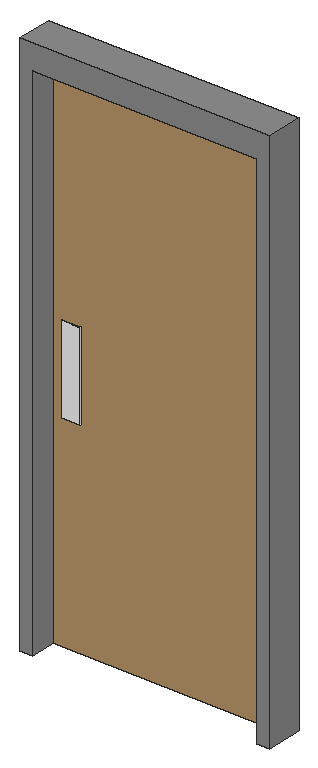
Revit family "a083912077334600ae9df03c811c7f05", category Doors, host Wall, Revit 2021
Family settings
  Host = Wall
  OmniClass Number = 23.30.10.00
  OmniClass Title = Doors
  Always vertical = Yes
  Cut with Voids When Loaded = No
  Shared = No
  Room Calculation Point = No
Parameters
  Visual Light Transmittance = 0
  Thickness = 1 3/4"
  Thermal Resistance (R) = 2.5876 (h·ft²·°F)/BTU
  Swing Angle [instance] = 45.00°
  Strike Height = 40"
  Solar Heat Gain Coefficient = 0
  Rough Width [instance] = Width + MF Opening Width  # 40"
  Rough Height [instance] = Height + MF Opening Height  # 88"
  Panel Material = Wood - Birch
  Masonry Frame [instance] = yes
  MF Opening Height [instance] = if(Masonry Frame, 4", 1 1/4")  # 4"
  MF Opening Width [instance] = if(Masonry Frame, 4", 2 1/2")  # 4"
  Inset Calculate [instance] = if(Masonry Frame, Masonry Inset + 3", 3")  # 4"
  Masonry Inset [instance] = 1"
  Height = 84"
  Wall Closure = By host
  Width = 36"
  Heat Transfer Coefficient (U) = 0.3865 BTU/(h·ft²·°F)
  Function = Exterior
  Frame Material = Metal - Paint Finish - Grey
  Masonry Frame Depth = 5 3/4"
  Dry Wall Frame [instance] = not(Masonry Frame)  # no
  Door Handle Material = Aluminum
  Assembly Code = "B2030200"
  Analytic Construction = "Wooden"
Reference planes (in)
  plane 1 "Center (Front/Back)": y = 0
  plane 2 "Center (Left/Right)": x = 0
  plane 3 "Left": x = -20
  plane 4 "Right": x = 20
  plane 5 "Top": z = 88
  plane 6 "Exterior": y = 4.25
  plane 7 "Interior": y = -3.75
  plane 8 "Door Panel Left": x = -18
  plane 9 "Door Panel Right": x = 18
  plane 10 "Top Of Panel": z = 84
  plane 11: z = 0
  plane 12: z = 0
  plane 13 "Door Back": y = 1.5
  plane 14: z = 40
  plane 15 "Door Front": y = 3.25
  plane 16: y = -2.5
  plane 17: z = 86
  plane 18: y = 7.25
  plane 19: z = 86
  plane 20: x = 18.75
  plane 21: x = 20.75
  plane 22: y = 4.75
  plane 23: y = -4.25
  plane 24: x = 18.125
  plane 25: y = 1.3125
  plane 26: y = -0.1875
  plane 27: y = 2.5
  plane 28: y = 2.25
  plane 29: y = 2.375
Forms (in)
  Extrusion 1, solid, material "Wood - Birch" <- "Panel Material"
    sketch origin (0, 0, 0) x (1, 0, 0) y (0, 0, 1)
      loop
        line (18, 84) -> (-18, 84) -> (-18, 0) -> (18, 0) -> (18, 84)
    from -3.25 to -1.5
  Sweep 2, solid, material "Metal - Paint Finish - Grey" <- "Frame Material", visible <- "Masonry Frame"
    path origin (0, 4.25, 0) x (1, 0, 0) y (0, 0, 1)
      loop
        line (20, 0) -> (20, 86) -> (-20, 86) -> (-20, 0)
    profile origin (-20, 4.25, 43) x (0, -1, 0) y (1, 0, 0)
      loop
        line (1, 2) -> (1, 0) -> (6.75, 0) -> (6.75, 2) -> (1, 2)
  Extrusion 3, solid, material "Metal - Paint Finish - Grey" <- "Frame Material", visible <- "Masonry Frame"
    sketch origin (0, 0, 0) x (0, 1, 0) y (0, 0, 1)
      loop
        line (3.25, 88) -> (-2.5, 88) -> (-2.5, 86) -> (3.25, 86) -> (3.25, 88)
    from -20 to 20
  Sweep 4, solid, material "Metal - Paint Finish - Grey" <- "Frame Material", visible <- "Dry Wall Frame"
    path origin (0, 4.25, 0) x (1, 0, 0) y (0, 0, 1)
      loop
        line (20, 0) -> (20, 88) -> (-20, 88) -> (-20, 0)
    profile origin (20, 4.25, 44) x (-1, 0, 0) y (0, -1, 0)
      loop
        line (-0.75, -0.5) -> (1.25, -0.5) -> (1.25, 8.5) -> (-0.75, 8.5) -> (-0.75, 8) -> (0, 8) -> (0, 0) -> (-0.75, 0) -> (-0.75, -0.5)
Cuts and joins
  joined: Sweep 2, Extrusion 3
Lines and regions (in)
  Opening 1
    outline origin (-90, -3.75, 0) x (1, 0, 0) y (0, 0, 1)
      loop
        line (70, 0) -> (110, 0) -> (110, 88) -> (70, 88) -> (70, 0)
  Masking region 1, visible <- "Masonry Frame", detail levels coarse+medium
    outline origin (0, 0, 0) x (1, 0, 0) y (0, 1, 0)
      loop
        line (-20, 3.25) -> (-20, -2.5) -> (-18, -2.5) -> (-18, 3.25) -> (-20, 3.25)
      loop
        line (20, 3.25) -> (18, 3.25) -> (18, -2.5) -> (20, -2.5) -> (20, 3.25)
  Masking region 2, visible <- "Masonry Frame", detail levels fine
    outline origin (0, 0, 0) x (1, 0, 0) y (0, 1, 0)
      loop
        line (-20, 3.25) -> (-20, -2.5) -> (-18, -2.5) -> (-18, 3.25) -> (-20, 3.25)
      loop
        line (20, 3.25) -> (18, 3.25) -> (18, -2.5) -> (20, -2.5) -> (20, 3.25)
  Masking region 3, visible <- "Dry Wall Frame", detail levels coarse+medium
    outline origin (0, 0, 0) x (1, 0, 0) y (0, 1, 0)
      loop
        line (18, -3.75) -> (20, -3.75) -> (20, 4.25) -> (18, 4.25) -> (18, -3.75)
      loop
        line (-20, 4.25) -> (-20, -3.75) -> (-18.75, -3.75) -> (-18.75, 4.25) -> (-20, 4.25)
  Masking region 4, visible <- "Dry Wall Frame", detail levels fine
    outline origin (0, 0, 0) x (1, 0, 0) y (0, 1, 0)
      loop
        line (-20.75, 4.75) -> (-20.75, 4.25) -> (-20, 4.25) -> (-20, -3.75) -> (-20.75, -3.75) -> (-20.75, -4.25) -> (-18.75, -4.25) -> (-18.75, 4.75) -> (-20.75, 4.75)
      loop
        line (20.75, 4.25) -> (20.75, 4.75) -> (18.75, 4.75) -> (18.75, -4.25) -> (20.75, -4.25) -> (20.75, -3.75) -> (20, -3.75) -> (20, 4.25) -> (20.75, 4.25)
  symbolic lines, style "Elevation Swing"
    curve 1: line (-18, 4.25, 84) -> (18, 4.25, 42)
    curve 2: line (18, 4.25, 42) -> (-18, 4.25, 0)
Text (in)
  text "Exterior" at (-74.96733, 27.31104, 0), in view "Ref. Level"
  text "Interior" at (-74.96733, -25.14366, 0), in view "Ref. Level"
  text "Exterior" at (0, 40.15149, 123.01588), in view "Right"
  text "Interior" at (0, -64.39139, 123.01588), in view "Right"
  text "Interior" at (0, -31.01599, 123.00693), in view "Left"
  text "Exterior" at (0, 54.57065, 123.00693), in view "Left"
Dimensions and locks (in)
  equal spacing: plane 3 "Left", plane 2 "Center (Left/Right)", plane 4 "Right"
  "Rough Height": level to plane 5 "Top"
  equal spacing: plane 8 "Door Panel Left", plane 2 "Center (Left/Right)", plane 9 "Door Panel Right"
  "Width": plane 8 "Door Panel Left" to plane 9 "Door Panel Right"
  "Height": level to plane 10 "Top Of Panel"
  plane 11 to plane 12 = 0"
  "Rough Width": plane 3 "Left" to plane 4 "Right"
  equal spacing: plane 12, curve 2, plane 10 "Top Of Panel"
  "Thickness": plane 15 "Door Front" to plane 13 "Door Back"
  "Masonry Frame Depth": plane 15 "Door Front" to plane 16
  locked: plane 17 to plane 5 "Top" at 2
  locked: plane 6 "Exterior" to plane 18 at 3
  "Inset Calculate": plane 18 to plane 15 "Door Front"
  locked: plane 10 "Top Of Panel" to plane 19 at 2
  locked: plane 4 "Right" to plane 21 at 0.75
  locked: plane 6 "Exterior" to plane 22 at 0.5
  locked: plane 23 to plane 7 "Interior" at 0.5
  locked: plane 20 to plane 21 at 2
  plane 13 "Door Back" to plane 25 to plane 26 = 3/16" locked, 1 1/2" locked
  locked: plane 24 to plane 20 at 0.625
  "Strike Height": plane 11 to plane 14
  equal spacing: plane 15 "Door Front", plane 29, plane 13 "Door Back"
  locked: plane 29 to plane 28 at 0.125
  locked: plane 27 to plane 29 at 0.125
  aligned and locked: plane 3 "Left" to Opening 1 sketch curve
  aligned and locked: plane 5 "Top" to Opening 1 sketch curve  (x2)
  aligned and locked: Opening 1 sketch curve to plane 4 "Right"
  aligned and locked: Opening 1 sketch curve to level
  aligned and locked: plane 6 "Exterior" to host wall
  aligned and locked: plane 7 "Interior" to host wall
  aligned and locked: plane 11 to level
  aligned and locked: Extrusion 1 sketch curve to plane 10 "Top Of Panel"
  aligned and locked: Extrusion 1 sketch curve to plane 8 "Door Panel Left"
  aligned and locked: plane 9 "Door Panel Right" to Extrusion 1 sketch curve
  aligned and locked: Extrusion 1 sketch curve to plane 12
  aligned and locked: Extrusion 1 to plane 13 "Door Back"
  aligned and locked: nested 1 to plane 8 "Door Panel Left"
  aligned and locked: plane 8 "Door Panel Left" to nested 2
  aligned and locked: nested 2 to plane 13 "Door Back"
  aligned and locked: nested 1 to plane 15 "Door Front"
  aligned and locked: Sweep 2 sketch curve to plane 3 "Left"  (x2)
  aligned and locked: plane 11 to Sweep 2 sketch curve  (x2)
  aligned and locked: plane 8 "Door Panel Left" to Sweep 2 sketch curve
  aligned and locked: Sweep 2 sketch curve to plane 16
  aligned and locked: Sweep 2 sketch curve to plane 15 "Door Front"
  aligned and locked: Sweep 2 sketch curve to plane 4 "Right"
  aligned and locked: plane 5 "Top" to Extrusion 3 sketch curve
  aligned and locked: Extrusion 3 sketch curve to plane 16
  aligned and locked: Extrusion 3 sketch curve to plane 15 "Door Front"
  aligned and locked: plane 17 to Extrusion 3 sketch curve
  aligned and locked: cut or joined group of Sweep 2, Extrusion 3 to plane 4 "Right"
  aligned and locked: plane 3 "Left" to cut or joined group of Sweep 2, Extrusion 3
  aligned and locked: Masking region 1 sketch curve to plane 15 "Door Front"
  aligned and locked: plane 8 "Door Panel Left" to Masking region 1 sketch curve
  aligned and locked: Masking region 1 sketch curve to plane 16
  aligned and locked: Masking region 1 sketch curve to plane 3 "Left"
  aligned and locked: plane 15 "Door Front" to Masking region 1 sketch curve
  aligned and locked: Masking region 1 sketch curve to plane 4 "Right"
  aligned and locked: plane 9 "Door Panel Right" to Masking region 1 sketch curve
  aligned and locked: plane 16 to Masking region 1 sketch curve
  aligned and locked: Masking region 2 sketch curve to plane 3 "Left"
  aligned and locked: Masking region 2 sketch curve to plane 16
  aligned and locked: Masking region 2 sketch curve to plane 15 "Door Front"
  aligned and locked: plane 8 "Door Panel Left" to Masking region 2 sketch curve
  aligned and locked: plane 15 "Door Front" to Masking region 2 sketch curve
  aligned and locked: Masking region 2 sketch curve to plane 4 "Right"
  aligned and locked: plane 9 "Door Panel Right" to Masking region 2 sketch curve
  aligned and locked: plane 16 to Masking region 2 sketch curve
  aligned and locked: plane 19 to Sweep 2 sketch curve
  aligned and locked: plane 4 "Right" to Sweep 4 sketch curve
  aligned and locked: Sweep 4 sketch curve to plane 3 "Left"
  aligned and locked: plane 21 to Sweep 4 sketch curve  (x2)
  aligned and locked: Sweep 4 sketch curve to plane 7 "Interior"
  aligned and locked: Sweep 4 sketch curve to plane 23
  aligned and locked: Sweep 4 sketch curve to plane 20
  aligned and locked: Sweep 4 sketch curve to plane 22
  aligned and locked: plane 6 "Exterior" to Sweep 4 sketch curve
  aligned and locked: Sweep 4 sketch curve to plane 4 "Right"
  aligned and locked: plane 5 "Top" to Sweep 4 sketch curve
  aligned and locked: Masking region 3 sketch curve to plane 6 "Exterior"
  aligned and locked: plane 7 "Interior" to Masking region 3 sketch curve
  aligned and locked: Masking region 3 sketch curve to plane 4 "Right"
  aligned and locked: plane 6 "Exterior" to Masking region 3 sketch curve
  aligned and locked: Masking region 3 sketch curve to plane 3 "Left"
  aligned and locked: Masking region 3 sketch curve to plane 7 "Interior"
  aligned and locked: Masking region 4 sketch curve to plane 3 "Left"
  aligned and locked: Masking region 4 sketch curve to Sweep 4  (x7)
  aligned and locked: Masking region 4 sketch curve to plane 6 "Exterior"
  aligned and locked: plane 7 "Interior" to Masking region 4 sketch curve
  aligned and locked: Masking region 4 sketch curve to plane 4 "Right"
  aligned and locked: Masking region 4 sketch curve to plane 7 "Interior"
  aligned and locked: Sweep 4 to Masking region 4 sketch curve  (x3)
  aligned and locked: plane 6 "Exterior" to Masking region 4 sketch curve
  aligned and locked: plane 11 to Sweep 4 sketch curve  (x2)
  aligned and locked: plane 9 "Door Panel Right" to Masking region 3 sketch curve
  aligned and locked: Sweep 4 to Masking region 3
  aligned and locked: nested 3 to plane 9 "Door Panel Right"
  aligned and locked: nested 3 to plane 15 "Door Front"
  aligned and locked: plane 9 "Door Panel Right" to nested 4
  aligned and locked: nested 4 to plane 13 "Door Back"
  aligned and locked: nested 1 to plane 14
  aligned and locked: plane 14 to nested 2
  aligned and locked: Extrusion 1 to nested 3
Automatic sketch dimensions
  curve 2 to level = 0"
  curve 2 to plane 8 "Door Panel Left" = 0"
  curve 1 to plane 8 "Door Panel Left" = 0"
  curve 2 to plane 9 "Door Panel Right" = 0"
  curve 1 to plane 10 "Top Of Panel" = 0"
  plane 8 "Door Panel Left" to Masking region 3 sketch curve = 3/4"
Nested families (in)
  nested 1: "Push Plate" at (-23.80709, 3.25, 40), type "3" x 14"", detail levels fine
  nested 2: "Push Plate" at (-23.80709, 1.5, 40), type "3" x 14"", detail levels fine
  nested 3: "Door Swing-Single" at (18, 3.25, 0), Swing Angle <- "Swing Angle", type "Single"
    with Swing Visible yes, Swing Angle 45.00°, Actual Angle 45.00°
  nested 4: "Door Swing-Single-Opposing" at (18, 1.5, 0), Swing Angle <- "Swing Angle", type "Single"
    with Swing Visible yes, Swing Angle 45.00°, Actual Angle 45.00°
Definition of nested family "Push Plate"
  Parameters (values of type "3" x 14"")
    Width = 3"
    Material = none
    Height = 14"
    Handle Z Distance = 0"
    Handle X Distance = 3"
    Assembly Code = ""
    Analytic Construction = "<None>"
  Reference planes (in)
    plane 1 "Center (Front/Back)": y = 0
    plane 2: z = 0
    plane 3 "Center (Left/Right)": x = 5.80709
    plane 4: z = 0
    plane 5 "Handle C/L": x = 8.80709
  Forms (in)
    Extrusion 1, solid, material <- "Material"
      sketch origin (11.81102, 0, 0) x (1, 0, 0) y (0, 0, -1)
        loop
          line (-4.50394, -7) -> (-1.50394, -7) -> (-1.50394, 7) -> (-4.50394, 7) -> (-4.50394, -7)
      from 0 to 0.125
  Dimensions and locks (in)
    "Handle Z Distance": plane 4 to level
    "Width": Extrusion 1 sketch curve to Extrusion 1 sketch curve
    equal spacing: Extrusion 1 sketch curve, plane 4, Extrusion 1 sketch curve
    "Handle X Distance": plane 5 "Handle C/L" to plane 3 "Center (Left/Right)"
    equal spacing: Extrusion 1 sketch curve, plane 5 "Handle C/L", Extrusion 1 sketch curve
    "Height": Extrusion 1 sketch curve to Extrusion 1 sketch curve
Definition of nested family "Door Swing-Single"
  Parameters
    Width = 36"
    Thickness = 1 3/4"
    Swing Visible [instance] = Swing Angle > 1.00°  # yes
    Swing Angle [instance] = 45.00°
    Assembly Code = ""
    Analytic Construction = "<None>"
    Actual Angle [instance] = if(Swing Angle < 1.00°, 1.00°, Swing Angle)  # 45.00°
  Reference planes (in)
    plane 1 "Center (Front/Back)": y = 0
    plane 2: z = 0
    plane 3 "Center (Left/Right)": x = 0
    plane 4: x = -36
  Lines and regions (in)
    Masking region 1
      outline origin (0, 0, 0) x (-0.707107, 0.707107, 0) y (-0.707107, -0.707107, 0)
        loop
          line (0, 0) -> (36, 0) -> (36, 1.75) -> (0, 1.75) -> (0, 0)
    symbolic lines
      curve 1: line (0, 0, 0) -> (-36, 0, 0)
    symbolic lines, visible <- "Swing Visible"
      curve 2: arc (-36, 0, 0) -> (-33.25966, 13.7766, 0) -> (-25.45584, 25.45584, 0) r 36
    reference lines
      curve 3: line (0, 0, 0) -> (-25.45584, 25.45584, 0)
    model lines
      curve 4: line (0, 0, 0) -> (0, 0, 1)
  Dimensions and locks (in)
    "Width": plane 4 to plane 3 "Center (Left/Right)"
    locked: curve 2 to plane 3 "Center (Left/Right)"
    locked: curve 2 to plane 1 "Center (Front/Back)"
    "Width": curve 3 to curve 3
    "Thickness": Masking region 1 sketch curve to Masking region 1 sketch curve
    locked: curve 4 to plane 2 at 1
    "Width": radius of curve 2
    "Actual Angle": angle curve 2 to curve 2
    "Swing Angle": angle curve 3 to plane 1 "Center (Front/Back)"
    aligned and locked: curve 1 to plane 1 "Center (Front/Back)"
    aligned and locked: plane 3 "Center (Left/Right)" to curve 1
    aligned and locked: plane 3 "Center (Left/Right)" to curve 3
    aligned and locked: plane 1 "Center (Front/Back)" to curve 3
    aligned and locked: curve 3 to Masking region 1 sketch curve
    aligned and locked: Masking region 1 sketch curve to curve 3  (x2)
    aligned and locked: plane 3 "Center (Left/Right)" to curve 4
    aligned and locked: plane 2 to curve 4
Definition of nested family "Door Swing-Single-Opposing"
  Parameters
    Width = 36"
    Thickness = 1 3/4"
    Swing Visible [instance] = Swing Angle > 1.00°  # yes
    Swing Angle [instance] = 45.00°
    Assembly Code = ""
    Analytic Construction = "<None>"
    Actual Angle [instance] = if(Swing Angle < 1.00°, 1.00°, Swing Angle)  # 45.00°
  Reference planes (in)
    plane 1 "Center (Front/Back)": y = 0
    plane 2: z = 0
    plane 3 "Center (Left/Right)": x = 0
    plane 4: x = -36
  Lines and regions (in)
    symbolic lines
      curve 1: line (0, 0, 0) -> (-36, 0, 0)
      curve 5: line (0, 0, 0) -> (-25.45584, 25.45584, 0)
      curve 6: line (-25.45584, 25.45584, 0) -> (-26.69328, 24.21841, 0)
      curve 7: line (-26.69328, 24.21841, 0) -> (-1.23744, -1.23744, 0)
      curve 8: line (-1.23744, -1.23744, 0) -> (0, 0, 0)
    symbolic lines, visible <- "Swing Visible"
      curve 2: arc (-36, 0, 0) -> (-33.25966, 13.7766, 0) -> (-25.45584, 25.45584, 0) r 36
    reference lines
      curve 3: line (0, 0, 0) -> (-25.45584, 25.45584, 0)
    model lines
      curve 4: line (0, 0, 0) -> (0, 0, 1)
  Dimensions and locks (in)
    "Width": plane 4 to plane 3 "Center (Left/Right)"
    locked: curve 2 to plane 3 "Center (Left/Right)"
    locked: curve 2 to plane 1 "Center (Front/Back)"
    "Width": curve 3 to curve 3
    locked: curve 4 to plane 2 at 1
    "Thickness": curve 3 to curve 7
    "Width": radius of curve 2
    "Actual Angle": angle curve 2 to curve 2
    "Swing Angle": angle curve 3 to plane 1 "Center (Front/Back)"
    aligned and locked: curve 1 to plane 1 "Center (Front/Back)"
    aligned and locked: plane 3 "Center (Left/Right)" to curve 1
    aligned and locked: plane 3 "Center (Left/Right)" to curve 3
    aligned and locked: plane 1 "Center (Front/Back)" to curve 3
    aligned and locked: plane 3 "Center (Left/Right)" to curve 4
    aligned and locked: plane 2 to curve 4
    aligned and locked: curve 5 to curve 2
    aligned and locked: curve 6 to curve 3
    aligned and locked: curve 8 to curve 3
